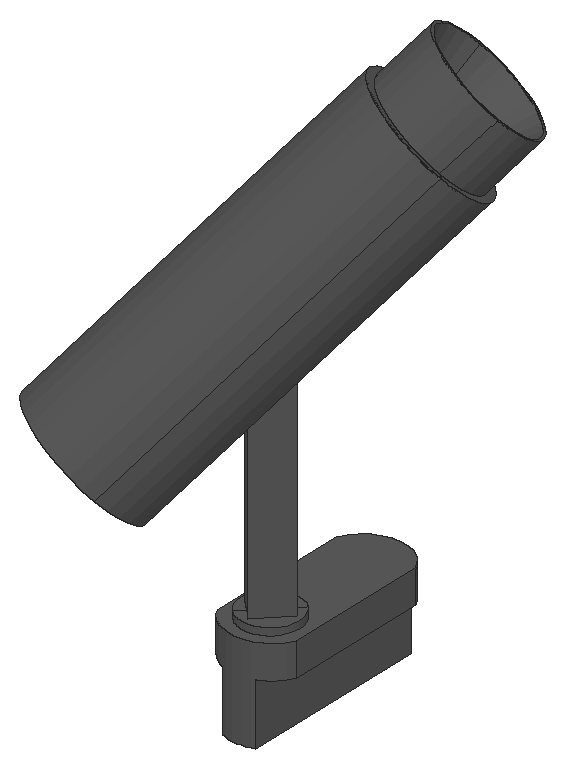
Revit family "0005525", category Lighting Fixtures, host Face, Revit 2017
Family settings
  Host = Face
  Round Connector Dimension = Use Diameter
  Part Type = Normal
  OmniClass Number = 23.80.70.00
  OmniClass Title = Lighting
  Cut with Voids When Loaded = No
  Light Source = No
  Shared = No
  Room Calculation Point = No
Parameters (values of type "0005525 LENZO S 15W 500LM 940 GLB O/B BLACK - NB")
  Weight = "n/a"
  Wattage Comments = ""
  WarrantyStartDate [instance] = "n/a"
  WarrantyGuarantorParts = "n/a"
  WarrantyDurationUnit = "n/a"
  WarrantyDurationParts = "n/a"
  WarrantyDescription = "n/a"
  Voltage = 230 V
  VerticalRotation_SYL [instance] = 45.00°
  VerticalEndAngle_SYL [instance] = VerticalRotation_SYL - 180.00°  # -135.00°
  URL = "http://www.sylvania-lighting.com"
  TypeName = "LENZO S 15W 500LM 940 GLB ON BOARD DIMMING BLACK - NB"
  TypeHead_SYL = Lenzo Head : 0005525 LENZO S 15W 500LM 940 GLB O/B BLACK - NB
  Type Image = <None>
  Type Comments = "n/a"
  SerialNumber [instance] = "n/a"
  Material_3_SYL = none
  PowerFactor = 0
  PowerConsumption = "15 W"
  NominalLength = 60 mm
  NominalHeight = 261 mm
  NominalDepth = 60 mm
  Name = "LENZO S 15W 500LM 940 GLB ON BOARD DIMMING BLACK - NB"
  ModelReference = Name  # "LENZO S 15W 500LM 940 GLB ON BOARD DIMMING BLACK - NB"
  ModelNumber = "0005525"
  Model = Name  # "LENZO S 15W 500LM 940 GLB ON BOARD DIMMING BLACK - NB"
  Material = "aluminium housing, pc polycarbonate diffuser"
  ManufacturerName = "Feilo Sylvania"
  Manufacturer = "Feilo Sylvania"
  LuminousEfficacy = "33 lm/W"
  LuminaireType = ""
  LightOutputRatio = "n/a"
  LampsType = Lamp  # "LED"
  LampNominalLuminous = "200/500 lm"
  LampMacAdamStep = "3"
  LampColourTemperature = "4000 K"
  LampColourRenderingIndex = "90"
  Lamp = "LED"
  Keynote = "16500"
  InstallationDate [instance] = "n/a"
  InputVoltage = "220-240 V AC"
  InputNominalFrequency = "50/60 Hz"
  IngressProtection = "IP20"
  ImpactProtectionIndex = "IK02"
  IfcExportType = "IfcLightFixtureType"
  IfcExportAs = "IfcLightFixtureType"
  HorizontalRotation_SYL [instance] = -45.00°
  ExpectedLife = 50000
  ElectricShockClassification = "Class I"
  DurationUnit = "hours"
  DocumentationLiterature = "http://www.sylvania-lighting.com/product/en-int/products/0005525"
  DimmingControlOptions = "on board dimming"
  Material_2_SYL = Spacer-Sylvania-StartTrackSpot-Aluminium
  Description = "LENZO S 15W 500LM 940 GLB O/B BLACK - NB"
  Default Elevation = 1219.2 mm
  CreatedOn = "9/25/2019"
  CreatedBy = "@sylvania-lighting.com"
  Cost = 0
  built-in parameter 1114216 [instance] = (empty or 0)
  ClassificationValue = "EF_70_80"
  ClassificationName = "Uniclass2015"
  Material_1_SYL = Body-Sylvania-StartTrackSpot-Black
  BarCode [instance] = "n/a"
  AssetType = "Fixed"
  AssetIdentifier [instance] = "n/a"
  Assembly Code = "D5020200"
  Apparent Load = 15 VA
  Material_4_SYL = none
Types (2, lengths in mm): name | TypeName | TypeHead_SYL | Name | ModelReference | Model | Description
  0005525 LENZO S 15W 500LM 940 GLB O/B BLACK - WB | "LENZO S 15W 500LM 940 GLB ON BOARD DIMMING BLACK - WB" | Lenzo Head : 0005525 LENZO S 15W 500LM 940 GLB O/B BLACK - WB | "LENZO S 15W 500LM 940 GLB ON BOARD DIMMING BLACK - WB" | "LENZO S 15W 500LM 940 GLB ON BOARD DIMMING BLACK - WB" | "LENZO S 15W 500LM 940 GLB ON BOARD DIMMING BLACK - WB" | "LENZO S 15W 500LM 940 GLB O/B BLACK - WB"
  0005525 LENZO S 15W 500LM 940 GLB O/B BLACK - NB | "LENZO S 15W 500LM 940 GLB ON BOARD DIMMING BLACK - NB" | Lenzo Head : 0005525 LENZO S 15W 500LM 940 GLB O/B BLACK - NB | "LENZO S 15W 500LM 940 GLB ON BOARD DIMMING BLACK - NB" | "LENZO S 15W 500LM 940 GLB ON BOARD DIMMING BLACK - NB" | "LENZO S 15W 500LM 940 GLB ON BOARD DIMMING BLACK - NB" | "LENZO S 15W 500LM 940 GLB O/B BLACK - NB"
Reference planes
  plane 1 "Center (Front/Back)": y = 0
  plane 2: z = 0
  plane 3 "Center (Left/Right)": x = 0
  plane 4: x = 16.6
  plane 5: x = -16.6
  plane 6: x = 7
  plane 7: x = -7
  plane 8: x = -12.8
  plane 9: y = 42
  plane 10: y = 42
  plane 11: y = -42
  plane 12: y = 31.4
  plane 13: y = -31.4
  plane 14: z = -26
  plane 15: z = 14
  plane 16: z = 14
  plane 17: y = -17.4
  plane 18: y = -6.8
  plane 19: y = -24.4
Forms (mm)
  Extrusion 1, solid, material "Body-Sylvania-StartTrackSpot-Black" <- "Material_1_SYL"
    sketch origin (0, 0, 0) x (1, 0, 0) y (0, 1, 0)
      loop
        line (-16.6, 31.4) -> (-16.6, -31.4)
        arc (-16.6, -31.4) -> (0, -42) -> (16.6, -31.4) r 18.298
        line (16.6, -31.4) -> (16.6, 31.4)
        arc (16.6, 31.4) -> (0, 42) -> (-16.6, 31.4) r 18.298
    from -26 to 14
  Extrusion 2, void
    sketch origin (0, 0, 0) x (1, 0, 0) y (0, 1, 0)
      loop
        arc (-7, 40.608) -> (-12.666, 36.907) -> (-16.6, 31.4) r 18.298
        line (-16.6, 31.4) -> (-16.6, -31.4)
        arc (-16.6, -31.4) -> (-12.666, -36.907) -> (-7, -40.608) r 18.298
        line (-7, -40.608) -> (-7, 40.608)
      loop
        line (16.6, -31.4) -> (16.6, 31.4)
        arc (16.6, 31.4) -> (12.666, 36.907) -> (7, 40.608) r 18.298
        line (7, 40.608) -> (7, -40.608)
        arc (7, -40.608) -> (12.666, -36.907) -> (16.6, -31.4) r 18.298
    from 0 to -26
  Revolve 3, solid, not visible
    sketch origin (1524, -24.4, 1219.2) x (1, 0, 0) y (0, 0, 1)
      loop
        line (-1524, -1202.5) -> (-1524, -1183.235) -> (-1531, -1183.235) -> (-1531, -1202.5) -> (-1524, -1202.5)
      axis (-1524, -1183.235) -> (-1524, -1202.5)
    angle from 45 <- "VerticalRotation_SYL" to -135 <- "VerticalEndAngle_SYL"
Cuts and joins
  Extrusion 2 cuts Extrusion 1
Lines and regions (mm)
  reference lines
    curve 1: circle (0, -24.4, 0) r 12.7 normal (0, 0, 1)
    curve 2: arc (-16.6, -31.4, 0) -> (0, -42, 0) -> (16.6, -31.4, 0) r 18.298
    curve 3: arc (-16.6, -17.4, 0) -> (0, -6.8, 0) -> (16.6, -17.4, 0) r 18.298
    curve 4: arc (-16.6, 31.4, 0) -> (0, 42, 0) -> (16.6, 31.4, 0) r 18.298
Dimensions and locks
  plane 6 to plane 3 "Center (Left/Right)" to plane 7 = 7 mm locked, 7 mm locked
  plane 4 to plane 3 "Center (Left/Right)" to plane 5 = 16.6 mm locked, 16.6 mm locked
  locked: plane 3 "Center (Left/Right)" to plane 8 at 12.8
  plane 11 to plane 1 "Center (Front/Back)" to plane 10 = 42 mm locked, 42 mm locked
  plane 13 to plane 1 "Center (Front/Back)" to plane 12 = 31.4 mm locked, 31.4 mm locked
  locked: plane 2 to plane 14 at 26
  locked: plane 13 to plane 17 at 14
  locked: plane 17 to plane 18 at 10.6
  equal spacing: plane 13, plane 19, plane 17
  locked: plane 19 to curve 2 at 0.698
  locked: curve 3 to plane 19 at 0.698
  locked: plane 16 to plane 2 at 14
  aligned and locked: plane 2 to host face
  aligned and locked: level to host face
  aligned and locked: plane 3 "Center (Left/Right)" to curve 1
  aligned and locked: plane 19 to curve 1
  aligned and locked: plane 13 to curve 2  (x2)
  aligned and locked: plane 17 to curve 3  (x2)
  aligned and locked: plane 12 to curve 4  (x2)
  aligned and locked: plane 4 to curve 4
  aligned and locked: plane 3 "Center (Left/Right)" to curve 4
  aligned and locked: plane 5 to curve 2
  aligned and locked: plane 5 to curve 3
  aligned and locked: plane 4 to curve 3
  aligned and locked: plane 4 to curve 2
  aligned and locked: plane 12 to Extrusion 1 sketch curve
  aligned and locked: plane 13 to Extrusion 1 sketch curve
  aligned and locked: Extrusion 1 sketch curve to curve 4
  aligned and locked: Extrusion 1 sketch curve to curve 2
  aligned and locked: Extrusion 1 to plane 15
  aligned and locked: plane 14 to Extrusion 1
  aligned and locked: Extrusion 2 sketch curve to Extrusion 1  (x5)
  aligned and locked: Extrusion 2 sketch curve to plane 7
  aligned and locked: plane 14 to Extrusion 2
  aligned and locked: level to Extrusion 2
  aligned and locked: Revolve 3 sketch curve to plane 3 "Center (Left/Right)"
  aligned and locked: plane 16 to nested 1
  aligned and locked: plane 16 to plane 15
Automatic sketch dimensions
  plane 12 to curve 4 = 7.698 mm
  plane 12 to Extrusion 2 sketch curve = 0 mm
  Extrusion 2 sketch curve to Extrusion 2 sketch curve = 0 mm  (x2)
  Extrusion 2 sketch curve to plane 6 = 0 mm
  Revolve 3 sketch curve to plane 7 = 0 mm
  Revolve 3 sketch curve to Revolve 3 sketch curve = 19.265 mm
  plane 14 to Revolve 3 sketch curve = 583.6 mm
  Revolve 3 sketch curve to Revolve 3 sketch curve = 2558.594 mm
  Revolve 3 sketch curve to plane 3 "Center (Left/Right)" = 0 mm
  host sketch curve to host sketch curve = 200 mm  (x2)
  Revolve 3 sketch curve to plane 16 = 2.7 mm
  radius of curve 1 = 12.7 mm
Nested families
  nested 1: "Lenzo Arm" at (0, -24.4, 14) x (0, 0, -1) z (0.7071, 0.7071, 0), HorizontalRotation_SYL <- "HorizontalRotation_SYL", type "START Track Spot Integral WH"
    with HorizontalRotation_SYL -45.00°, HorizontalEndAngle_SYL -225.00°
  nested 2: "Lenzo Head" at (-10.453, -34.853, 124.783) x (0.7071, -0.7071, 0) z (-0.5, -0.5, -0.7071), type <- "TypeHead_SYL", type "0005525 LENZO S 15W 500LM 940 GLB O/B BLACK - NB"
    with built-in parameter 1114216 (empty or 0)
Connectors
  electrical at (0, 0, 0), driven by "Apparent Load", driven by "PowerFactor", driven by "Voltage"
    settings: index 1, voltage 230 V, apparent load 15 VA, apparent load phase1 0 VA, apparent load phase2 0 VA, apparent load phase3 0 VA, power factor 0, load classification "Lighting", number of poles 1, system type 30, power factor state 1, is connector primary yes, connector utility no, sub classification motor no, connector description ""
Definition of nested family "Lenzo Arm"
  Parameters (values of type "START Track Spot Integral WH")
    URL = "http://www.sylvania-lighting.com"
    Type Image = (empty or 0)
    Type Comments = "n/a"
    Material_3_SYL = none
    Model = ""
    Manufacturer = "Feilo Sylvania"
    Keynote = ""
    Material_2_SYL = none
    HorizontalRotation_SYL [instance] = 0.00°
    HorizontalEndAngle_SYL [instance] = HorizontalRotation_SYL - 180.00°  # -180.00°
    Description = ""
    Default Elevation = 1219.2 mm
    Cost = 0
    Material_1_SYL = none
    Assembly Code = ""
    Material_4_SYL = none
  Reference planes
    plane 1 "Center (Front/Back)": y = 0
    plane 2: z = 0
    plane 3 "Center (Left/Right)": x = 0
    plane 4: x = -3
    plane 5: z = -12.5
    plane 6: z = 12.5
    plane 7: x = -96
    plane 8: z = 8
    plane 9: z = -8
    plane 10: x = -103
    plane 11: y = 5.5
    plane 12: y = -5.5
  Forms (mm)
    Extrusion 1, solid
      sketch origin (1116.2, 0, 0) x (1, 0, 0) y (0, 1, 0)
        loop
          line (-1283.103, 99.845) -> (-1283.103, -100.155) -> (-1083.103, -100.155) -> (-1083.103, 99.845) -> (-1283.103, 99.845)
      from 0 to -68.017
    Revolve 2, solid, material <- "Material_1_SYL"
      sketch origin (0, 0, 0) x (1, 0, 0) y (0, 0, 1)
        loop
          line (0, 0) -> (0, 12.5) -> (-3, 12.5) -> (-3, 0) -> (0, 0)
        axis (-3, 0) -> (0, 0)
      angle from 360 to 0
    Extrusion 3, solid, material <- "Material_1_SYL"
      sketch origin (0, 0, 0) x (1, 0, 0) y (0, 0, 1)
        loop
          line (-3, 8) -> (-103, 8) -> (-103, -8) -> (-3, -8) -> (-3, 8)
      from -5.5 to 5.5
    Revolve 4, solid, not visible
      sketch origin (-96, -4572, 2609.058) x (0, 0, 1) y (0, -1, 0)
        loop
          line (-2609.058, -4553.46) -> (-2609.058, -4590.54) -> (-2605.058, -4590.54) -> (-2605.058, -4553.46) -> (-2609.058, -4553.46)
        axis (-2609.058, -4553.46) -> (-2609.058, -4590.54)
      angle from 0 <- "HorizontalRotation_SYL" to -180 <- "HorizontalEndAngle_SYL"
  Dimensions and locks
    locked: plane 3 "Center (Left/Right)" to plane 4 at 3
    plane 6 to plane 2 to plane 5 = 12.5 mm locked, 12.5 mm locked
    equal spacing: Revolve 4 sketch curve, plane 1 "Center (Front/Back)", Revolve 4 sketch curve
    locked: Revolve 4 sketch curve to plane 1 "Center (Front/Back)" at 18.54
    locked: plane 4 to plane 10 at 100
    locked: plane 1 "Center (Front/Back)" to plane 11 at 5.5
    locked: plane 12 to plane 1 "Center (Front/Back)" at 5.5
    plane 8 to plane 2 to plane 9 = 8 mm, 8 mm
    locked: plane 7 to plane 10 at 7
    aligned and locked: plane 2 to Extrusion 1
    aligned and locked: level to Extrusion 1
    aligned and locked: plane 12 to Extrusion 3
    aligned and locked: Extrusion 3 to plane 11
    aligned and locked: plane 9 to Extrusion 3 sketch curve
    aligned and locked: Extrusion 3 sketch curve to plane 8
    aligned and locked: Extrusion 3 sketch curve to plane 10
    aligned and locked: Revolve 2 sketch curve to plane 6
Definition of nested family "Lenzo Head"
  Parameters (values of type "0005525 LENZO S 15W 500LM 940 GLB O/B BLACK - NB")
    WidthCutOut_SYL = 13 mm  # constant formula
    Wattage Comments = "n/a"
    Wattage = 15 W
    built-in parameter 1150110 = 1 (stored number, unit not read)
    URL = "http://www.sylvania-lighting.com"
    Type Image = (empty or 0)
    Type Comments = "n/a"
    built-in parameter 1114217 = 1 (stored number, unit not read)
    Tilt Angle = 90.00°
    built-in parameter 1150109 = 1 (stored number, unit not read)
    built-in parameter 1150134 = 12
    built-in parameter 1150113 = 1 (stored number, unit not read)
    S_SYL = yes
    RadiusLensOut_SYL = 21 mm
    RadiusLensHolder_SYL = 1.8 mm  # constant formula
    RadiusHead_SYL = if(S_SYL, 30 mm, 38 mm)  # 30 mm
    RadiusEmission_SYL = 8 mm
    Photometric Web File = "0005525-NB.ies"
    Material_3_SYL = none
    Model = "LENZO S 15W 500LM 940 GLB ON BOARD DIMMING BLACK - NB"
    Manufacturer = "Feilo Sylvania"
    built-in parameter 1150105 = 39.391 (stored number, unit not read)
    Lumens = 495 lm
    built-in parameter 1150115 = 1 (stored number, unit not read)
    built-in parameter 1150137 = (empty or 0)
    built-in parameter 1150139 = (empty or 0)
    LensProtrusion_SYL = 27 mm
    built-in parameter 1150112 = 1 (stored number, unit not read)
    built-in parameter 1150114 = 1 (stored number, unit not read)
    Lamp = "LED"
    Keynote = "16500"
    Material_2_SYL = none
    built-in parameter 1150132 = (empty or 0)
    built-in parameter 1150102 = (empty or 0)
    built-in parameter 1150107 = 4000 (stored number, unit not read)
    built-in parameter 1150138 = (empty or 0)
    built-in parameter 1150106 = 0.39391 (stored number, unit not read)
    Height_SYL = if(S_SYL, 162 mm, 201 mm)  # 162 mm
    HeightCutOut_SYL = if(S_SYL, 76 mm, 96 mm)  # 76 mm
    Emit from Circle Diameter = RadiusLensOut_SYL * 2  # 42 mm
    Emit Shape Visible in Rendering = no
    built-in parameter 1150104 = 3.0658 (stored number, unit not read)
    DistRotateAxisY_SYL = if(S_SYL, 66 mm, 90 mm)  # 66 mm
    Dimming Lamp Color Temperature Shift = (empty or 0)
    Description = "LENZO S 15W 500LM 940 GLB O/B BLACK - NB"
    DepthCutOut_SYL = 16 mm  # constant formula
    Default Elevation = 1219.2 mm
    Cost = 0
    Color Filter = 16777215
    built-in parameter 1114216 [instance] = (empty or 0)
    Material_1_SYL = none
    built-in parameter 1114218 = 1 (stored number, unit not read)
    built-in parameter 1150133 = 10 (stored number, unit not read)
    Assembly Code = "D5020200"
    Apparent Load = 15 VA
    Material_4_SYL = none
  Types (2, lengths in mm): name | Photometric Web File | Model | LensProtrusion_SYL | Description
    0005525 LENZO S 15W 500LM 940 GLB O/B BLACK - WB | "0005525-WB.ies" | "LENZO S 15W 500LM 940 GLB ON BOARD DIMMING BLACK - WB" | 10 | "LENZO S 15W 500LM 940 GLB O/B BLACK - WB"
    0005525 LENZO S 15W 500LM 940 GLB O/B BLACK - NB | "0005525-NB.ies" | "LENZO S 15W 500LM 940 GLB ON BOARD DIMMING BLACK - NB" | 27 | "LENZO S 15W 500LM 940 GLB O/B BLACK - NB"
  Reference planes
    plane 1 "Center (Front/Back)": y = 0
    plane 2: z = 0
    plane 3 "Center (Left/Right)": x = 0
    plane 4: x = 30
    plane 5: z = 66
    plane 6: z = -96
    plane 7: x = 26.5
    plane 8: x = 21
    plane 9: x = 8
    plane 10: z = -60
    plane 11: z = -10
    plane 12: x = 25.5
    plane 13: z = -73
    plane 14: z = -58
    plane 15: z = -1
    plane 16: x = 6.5
    plane 17: x = -6.5
    plane 18: y = -30
    plane 19: y = -14
    plane 20: y = -22
    plane 21: z = -123
    plane 22: x = 16.5
    plane 23: z = -98
    plane 24: z = -134.762
    plane 25: z = -134.762
    plane 26: x = 1.5
    plane 27: z = -82.762
    plane 28: x = -1.5
    plane 29: z = -84.762
    plane 30: z = -84.762
    plane 31: z = -132.762
    plane 32: x = -51.5
    plane 33: z = -132.762
    plane 34: z = -84.762
    plane 35: z = -134.762
    plane 36: z = -134.762
    plane 37: x = 26.5
    plane 38: z = -90
  Forms (mm)
    Extrusion 1, solid
      sketch origin (4.2, -1183.2, 0) x (1, 0, 0) y (0, 1, 0)
        loop
          line (-55.7, 1231.317) -> (-55.7, 1131.317) -> (44.3, 1131.317) -> (44.3, 1231.317) -> (-55.7, 1231.317)
      from 0 to -20
    Revolve 2, solid, material <- "Material_1_SYL"
      sketch origin (0, 0, 0) x (1, 0, 0) y (0, 0, 1)
        loop
          line (30, -96) -> (30, 66) -> (26.5, 66) -> (26.5, -96) -> (30, -96)
        axis (0, 66) -> (0, -96)
      angle from 360 to 0
    Revolve 3, solid, material <- "Material_1_SYL"
      sketch origin (0, 0, 0) x (1, 0, 0) y (0, 0, 1)
        loop
          line (26.5, 66) -> (0, 66) -> (0, -10) -> (26.5, -10) -> (26.5, 66)
        axis (0, 66) -> (0, -10)
      angle from 360 to 0
    Revolve 4, solid
      sketch origin (0, 0, 0) x (1, 0, 0) y (0, 0, 1)
        loop
          line (0, -60) -> (8, -60)
          arc (8, -60) -> (18.9, -63.606) -> (25.5, -73) r 18.279
          line (25.5, -73) -> (26.5, -73) -> (26.5, -58) -> (0, -58) -> (0, -60)
        axis (0, -58) -> (0, -73)
      angle from 360 to 0
    Extrusion 5, void
      sketch origin (1524, -30, 1219.2) x (-1, 0, 0) y (0, 0, 1)
        loop
          line (1530.5, -1229.2) -> (1530.5, -1153.2) -> (1517.5, -1153.2) -> (1517.5, -1229.2) -> (1530.5, -1229.2)
      from 0 to 16
    Revolve 6, solid, material <- "Material_1_SYL"
      sketch origin (0, 0, 0) x (1, 0, 0) y (0, 0, 1)
        loop
          line (26.5, -123) -> (26.5, -90) -> (16.5, -90) -> (16.5, -98) -> (25.5, -123) -> (26.5, -123)
        axis (0, -90) -> (0, -123)
      angle from 360 to 0
    Revolve 7, solid, material <- "Material_2_SYL"
      sketch origin (0, 0, 0) x (1, 0, 0) y (0, 0, 1)
        loop
          line (0, -98) -> (16.5, -98) -> (16.5, -90) -> (0, -90) -> (0, -98)
        axis (0, -90) -> (0, -98)
      angle from 360 to 0
  Cuts and joins
    Extrusion 5 cuts Revolve 3
    Extrusion 5 cuts Revolve 2
  Dimensions and locks
    "RadiusHead_SYL": plane 4 to plane 3 "Center (Left/Right)"
    "DistRotateAxisY_SYL": plane 5 to plane 2
    "Height_SYL": plane 5 to plane 6
    plane 4 to plane 7 = 3.5 mm
    "RadiusLensOut_SYL": plane 8 to plane 3 "Center (Left/Right)"
    "RadiusEmission_SYL": plane 9 to plane 3 "Center (Left/Right)"
    "HeightCutOut_SYL": plane 5 to plane 11
    plane 12 to plane 8 = 4.5 mm
    locked: plane 2 to plane 15 at 1
    equal spacing: plane 16, plane 3 "Center (Left/Right)", plane 17
    "WidthCutOut_SYL": plane 16 to plane 17
    "RadiusHead_SYL": plane 18 to plane 1 "Center (Front/Back)"
    "DepthCutOut_SYL": plane 18 to plane 19
    equal spacing: plane 18, plane 20, plane 19
    "LensProtrusion_SYL": plane 6 to plane 21
    locked: plane 14 to plane 10 at 2
    locked: plane 10 to plane 13 at 13
    locked: plane 7 to plane 22 at 10
    locked: plane 23 to plane 21 at 25
    locked: plane 7 to plane 12 at 1
    locked: plane 38 to plane 23 at 8
    locked: plane 13 to plane 6 at 23
    aligned and locked: plane 2 to Extrusion 1
    aligned and locked: level to Extrusion 1
    aligned and locked: Revolve 2 sketch curve to plane 3 "Center (Left/Right)"
    aligned and locked: Revolve 2 sketch curve to plane 6
    aligned and locked: Revolve 2 sketch curve to plane 4
    aligned and locked: plane 5 to Revolve 2 sketch curve
    aligned and locked: plane 7 to Revolve 2 sketch curve
    aligned and locked: Revolve 3 sketch curve to plane 3 "Center (Left/Right)"
    aligned and locked: Revolve 3 sketch curve to Revolve 2  (x3)
    aligned and locked: Revolve 3 sketch curve to plane 11
    aligned and locked: plane 3 "Center (Left/Right)" to Revolve 3 sketch curve
    aligned and locked: Revolve 4 sketch curve to plane 3 "Center (Left/Right)"  (x2)
    aligned and locked: plane 3 "Center (Left/Right)" to Revolve 4 sketch curve
    aligned and locked: plane 9 to Revolve 4 sketch curve
    aligned and locked: plane 10 to Revolve 4 sketch curve
    aligned and locked: plane 12 to Revolve 4 sketch curve
    aligned and locked: plane 13 to Revolve 4 sketch curve
    aligned and locked: plane 11 to Extrusion 5 sketch curve
    aligned and locked: Extrusion 5 sketch curve to plane 17
    aligned and locked: Extrusion 5 sketch curve to plane 5
    aligned and locked: plane 16 to Extrusion 5 sketch curve
    aligned and locked: Extrusion 5 to plane 19
    aligned and locked: plane 18 to Extrusion 5
    aligned and locked: plane 3 "Center (Left/Right)" to imposter light
    aligned and locked: imposter light to plane 1 "Center (Front/Back)"
    aligned and locked: Revolve 6 sketch curve to plane 3 "Center (Left/Right)"
    aligned and locked: plane 7 to Revolve 6 sketch curve
    aligned and locked: Revolve 6 sketch curve to plane 21
    aligned and locked: Revolve 6 sketch curve to plane 7
    aligned and locked: Revolve 7 sketch curve to Revolve 6  (x2)
    aligned and locked: Revolve 7 sketch curve to plane 3 "Center (Left/Right)"  (x2)
    aligned and locked: Revolve 6 to Revolve 7 sketch curve
    aligned and locked: imposter light to plane 23
  Automatic sketch dimensions
    plane 6 to Revolve 2 sketch curve = 487.1 mm
    Revolve 2 sketch curve to plane 5 = 2571.558 mm
    Revolve 4 sketch curve to plane 10 = 2 mm
    plane 6 to Revolve 4 sketch curve = 487.1 mm
    Revolve 4 sketch curve to plane 5 = 2571.558 mm
    Revolve 4 sketch curve to plane 7 = 0 mm
    plane 6 to Revolve 3 sketch curve = 487.1 mm
    Revolve 3 sketch curve to Revolve 3 sketch curve = 2571.558 mm
    Extrusion 1 sketch curve to Extrusion 1 sketch curve = 100 mm  (x2)
    Revolve 6 sketch curve to plane 22 = 0 mm
    Revolve 6 sketch curve to plane 12 = 0 mm
    Revolve 6 sketch curve to plane 23 = 0 mm
    Revolve 6 sketch curve to plane 38 = 0 mm
    Revolve 6 sketch curve to plane 5 = 2592.258 mm
    Revolve 7 sketch curve to plane 5 = 2592.258 mm
    plane 21 to Revolve 6 sketch curve = 456.4 mm
    plane 21 to Revolve 7 sketch curve = 456.4 mm
